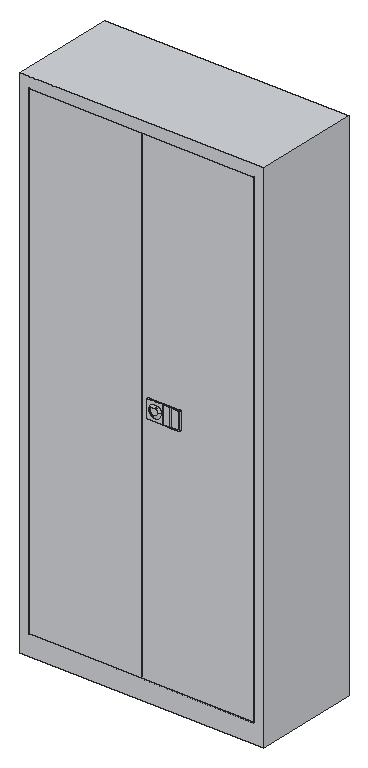
Revit family "Economy_Cupboards", category Furniture, Revit 2016
Family settings
  OmniClass Number = 23.40.20.00
  OmniClass Title = General Furniture and Specialties
  Work Plane-Based = No
  Always vertical = Yes
  Cut with Voids When Loaded = No
  Shared = No
  Room Calculation Point = No
Parameters (values of type "E782A04")
  plinth height = 75 mm
  Width = 914 mm
  Model = "Economy Cupboard"
  Manufacturer = "BISLEY"
  Height = 1950 mm
  Depth = 400 mm
Types (4, lengths in mm): name | Height
  (no name) | 1950
  E402A01 | 1000
  E722A03 | 1806
  E782A04 | 1950
Reference planes
  plane 1 "Center (Front/Back)": y = 0
  plane 2: z = 7
  plane 3 "Center (Left/Right)": x = 0
  plane 4: x = -457
  plane 5: x = 457
  plane 6: y = 200
  plane 7: y = -200
  plane 8: z = 1957
  plane 9: z = 7
  plane 10: z = 1917
  plane 11: z = 82
  plane 12: x = -422
  plane 13: x = 422
  plane 14: y = 170
  plane 15: x = -420
  plane 16: x = 420
  plane 17: z = 84
  plane 18: z = 1915
  plane 19: x = 1
  plane 20: x = -1
  plane 21: z = 999.5
Forms (mm)
  Extrusion 1, solid
    sketch origin (0, 0, 7) x (1, 0, 0) y (0, 1, 0)
      loop
        line (-457, 200) -> (-457, -200) -> (457, -200) -> (457, 200) -> (-457, 200)
    from 0 to 1950
  Extrusion 2, void
    sketch origin (0, 0, 0) x (1, 0, 0) y (0, 0, 1)
      loop
        line (-422, 1917) -> (-422, 82) -> (422, 82) -> (422, 1917) -> (-422, 1917)
    from -170 to 200
  Extrusion 3, solid, not visible
    sketch origin (0, 0, -11) x (0, 0, -1) y (0, -1, 0)
      loop
        line (-375, 215) -> (-73.486, 215) -> (-73.486, 235) -> (-323.022, 235) -> (-358, 216.402) -> (-373.358, 216.402) -> (-373.358, 233.251) -> (-358, 233.251) -> (-358, 235) -> (-375, 235) -> (-375, 215)
    from -213 to 213
  Extrusion 4, solid
    sketch origin (0, -180, 0) x (1, 0, 0) y (0, 0, 1)
      loop
        line (-420, 1915) -> (-420, 84) -> (-1, 84) -> (-1, 1915) -> (-420, 1915)
    from 0 to 20
  Extrusion 5, solid
    sketch origin (0, -180, 0) x (-1, 0, 0) y (0, 0, -1)
      loop
        line (-420, -1915) -> (-1, -1915) -> (-1, -84) -> (-420, -84) -> (-420, -1915)
    from 0 to 20
  Extrusion 6, solid
    sketch origin (-125, -200, 0) x (1, 0, 0) y (0, 0, 1)
      loop
        arc (153.5, 1034.5) -> (149.964, 1033.036) -> (148.5, 1029.5) r 5
        line (148.5, 1029.5) -> (148.5, 969.5)
        arc (148.5, 969.5) -> (149.964, 965.964) -> (153.5, 964.5) r 5
        line (153.5, 964.5) -> (267.5, 964.5)
        arc (267.5, 964.5) -> (271.036, 965.964) -> (272.5, 969.5) r 5
        line (272.5, 969.5) -> (272.5, 1029.5)
        arc (272.5, 1029.5) -> (271.036, 1033.036) -> (267.5, 1034.5) r 5
        line (267.5, 1034.5) -> (153.5, 1034.5)
      loop
        line (209.5, 1033.5) -> (209.5, 965.5) -> (210.5, 965.5) -> (235.5, 965.5) -> (267.78, 965.5) -> (267.78, 1033.5) -> (235.5, 1033.5) -> (210.5, 1033.5) -> (209.5, 1033.5)
      loop
        line (210.5, 1032.5) -> (210.5, 966.5) -> (235.5, 966.5) -> (235.5, 1032.5) -> (210.5, 1032.5)
    from 0 to 4.5
  Blend 7, solid
    base sketch origin (0, 0, 0) x (1, 0, 0) y (0, 0, 1)
      loop
        circle (54.009, 999.5) r 22.581
    top sketch origin (0, 0, 0) x (1, 0, 0) y (0, 0, 1)
      loop
        circle (54.009, 999.5) r 13.587
    from 204.5 to 206.767
Cuts and joins
  Extrusion 2 cuts Extrusion 1
Lines and regions (mm)
  reference lines
    curve 1: line (420, 0, 999.5) -> (202.406, 0, 999.5)
    curve 2: line (210.5, 0, 1915) -> (210.5, 0, 910)
    curve 3: line (85.5, 0, 1034.5) -> (147.5, 0, 1034.5)
    curve 4: line (147.5, 0, 1034.5) -> (147.5, 0, 964.5)
    curve 5: line (147.5, 0, 964.5) -> (23.5, 0, 964.5)
    curve 6: line (23.5, 0, 964.5) -> (23.5, 0, 1034.5)
    curve 7: line (23.5, 0, 1034.5) -> (85.5, 0, 1034.5)
Dimensions and locks
  equal spacing: plane 4, plane 3 "Center (Left/Right)", plane 5
  "Width": plane 4 to plane 5
  "Depth": plane 6 to plane 7
  locked: plane 9 to level
  "plinth height": plane 11 to plane 9
  locked: plane 8 to plane 10 at 40
  locked: plane 12 to plane 4 at 35
  locked: plane 5 to plane 13 at 35
  "Height": plane 8 to plane 9
  equal spacing: plane 6, plane 1 "Center (Front/Back)", plane 7
  equal spacing: plane 5, plane 3 "Center (Left/Right)", plane 4
  locked: plane 6 to plane 14 at 30
  locked: plane 15 to plane 4 at 37
  locked: plane 5 to plane 16 at 37
  locked: plane 8 to plane 18 at 42
  plane 17 to level = 77 mm
  locked: plane 19 to plane 3 "Center (Left/Right)" at 1
  locked: plane 3 "Center (Left/Right)" to plane 20 at 1
  equal spacing: plane 18, curve 1, plane 17
  equal spacing: plane 18, plane 21, plane 17
  Extrusion 5 to curve 2 = 209.5 mm
  aligned and locked: level to plane 2
  aligned and locked: Extrusion 1 sketch curve to plane 6
  aligned and locked: plane 4 to Extrusion 1 sketch curve
  aligned and locked: plane 7 to Extrusion 1 sketch curve
  aligned and locked: Extrusion 1 sketch curve to plane 5
  aligned and locked: Extrusion 1 to plane 9
  aligned and locked: plane 8 to Extrusion 1
  aligned and locked: Extrusion 2 sketch curve to plane 10
  aligned and locked: plane 12 to Extrusion 2 sketch curve
  aligned and locked: Extrusion 2 sketch curve to plane 11
  aligned and locked: Extrusion 2 sketch curve to plane 13
  aligned and locked: Extrusion 2 to plane 7
  aligned and locked: Extrusion 2 to plane 14
  aligned and locked: Extrusion 4 sketch curve to plane 18
  aligned and locked: plane 15 to Extrusion 4 sketch curve
  aligned and locked: plane 17 to Extrusion 4 sketch curve
  aligned and locked: Extrusion 4 sketch curve to plane 20
  aligned and locked: plane 18 to Extrusion 5
  aligned and locked: Extrusion 5 to plane 19
  aligned and locked: Extrusion 5 to plane 17
  aligned and locked: plane 16 to Extrusion 5
  aligned and locked: Extrusion 6 to curve 5  (x2)
Automatic sketch dimensions
  Extrusion 3 sketch curve to Extrusion 3 sketch curve = 1.642 mm
  Extrusion 3 sketch curve to Extrusion 3 sketch curve = 15.358 mm  (x2)
  Extrusion 3 sketch curve to Extrusion 3 sketch curve = 34.978 mm
  Extrusion 3 sketch curve to Extrusion 3 sketch curve = 249.536 mm
  Extrusion 3 sketch curve to Extrusion 3 sketch curve = 1.402 mm
  Extrusion 3 sketch curve to Extrusion 3 sketch curve = 16.849 mm
  Extrusion 3 sketch curve to Extrusion 3 sketch curve = 1.749 mm
  Extrusion 3 sketch curve to Extrusion 3 sketch curve = 0 mm
  Extrusion 5 sketch curve to plane 16 = 0 mm
  plane 17 to Extrusion 5 sketch curve = 0 mm
  Extrusion 5 sketch curve to plane 19 = 0 mm
  Extrusion 5 sketch curve to plane 18 = 0 mm
  plane 19 to Extrusion 6 sketch curve = 22.5 mm
  Extrusion 6 sketch curve to Extrusion 6 sketch curve = 5 mm  (x3)
  Extrusion 6 sketch curve to Extrusion 6 sketch curve = 56 mm
  Extrusion 6 sketch curve to Extrusion 6 sketch curve = 1 mm  (x5)
  Extrusion 6 sketch curve to Extrusion 6 sketch curve = 0 mm  (x3)
  Extrusion 6 sketch curve to Extrusion 6 sketch curve = 25 mm
  Extrusion 6 sketch curve to Extrusion 6 sketch curve = 32 mm
  Extrusion 6 sketch curve to Extrusion 6 sketch curve = 0.28 mm  (x2)
  plane 17 to Extrusion 6 sketch curve = 880.5 mm
  Extrusion 6 sketch curve to Extrusion 6 sketch curve = 60 mm
  Extrusion 6 sketch curve to Extrusion 6 sketch curve = 2 mm
  curve 2 to plane 18 = 0 mm
  curve 1 to plane 16 = 0 mm
  curve 4 to plane 16 = 272.5 mm
  curve 7 to curve 3 = 62 mm
  curve 5 to curve 3 = 62 mm
  curve 5 to curve 1 = 35 mm
  curve 4 to curve 3 = 70 mm
  curve 5 to curve 2 = 187 mm
  curve 3 to curve 1 = 116.906 mm
  curve 2 to curve 5 = 54.5 mm
  Blend 7 sketch curve to plane 21 = 0 mm  (x2)
  plane 19 to Blend 7 sketch curve = 53.009 mm  (x2)
  radius of Blend 7 sketch curve = 22.581 mm
  radius of Blend 7 sketch curve = 13.587 mm
